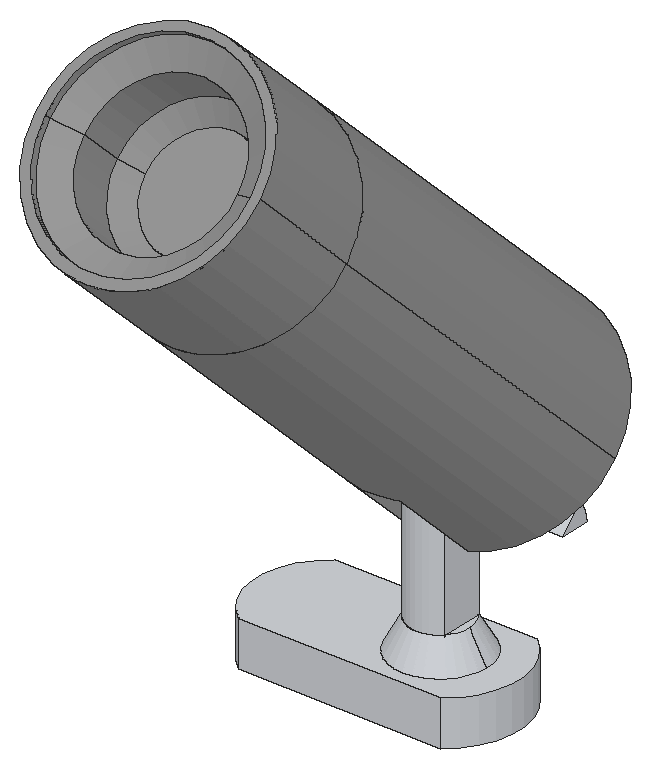
Revit family "005531", category Generic Models, host Face, Revit 2018
Family settings
  Host = Face
  Can host rebar = No
  Round Connector Dimension = Use Diameter
  Part Type = Normal
  OmniClass Number = 23.80.70.00
  OmniClass Title = Lighting
  Cut with Voids When Loaded = No
  Shared = No
  Room Calculation Point = No
Parameters (values of type "0005531 LENZO SMALL 15W 930 ON BOARD DIM BLACK")
  Width = 59.967 mm
  URL = "0.9"
  Type Image = <None>
  Type Comments = "n/a"
  Material_3_SYL = none
  Model = "Lenzo Small 15W 930 On Board Dim Black"
  Manufacturer = ""
  Length = 160 mm
  Keynote = "n/a"
  Material_2_SYL = none
  Height = 194.195 mm
  Description = "The new generation of Lenzo improves the Sylvania track spot range with a simple and slick integral design fixture, with no driver box and no visible screws. Simple and integral design (diameter Ø60mm). Die cast aluminium body, passive cooling heat sink. Adjustable beam angle 15° - 50°. Textured Black - RAL 9005. Light color temperature: 3000K, warm white, total system power: 15W. Total fixture output: 1000lm, efficacy: 67lm/W, Ra90 typical, LED chromacity: 3 step MacAdam ellipse (SDCM3), IR/UV free light source without heat radiation, operating voltage: 220-240V / 50-60Hz. On Board dimming driver, ultra low flicker rate, power factor: >0.90, electrical protection: Class I. Degree of protection: IP20, suitable for indoor environment only. Suitable for 3-circuit tracks, horizontal rotation: 345°, vertical tilt: 90°. Dimensions: Ø60x229mm, weight: 0.48Kg."
  Default Elevation = 1219.2 mm
  Cost = 0
  Material_1_SYL = none
  Assembly Code = "D5020200"
  Material_4_SYL = none
  Adaptor width = 32 mm
  Adaptor length = 70 mm
Reference planes
  plane 1 "Center (Front/Back)": y = 0
  plane 2: z = 0
  plane 3 "Center (Left/Right)": x = 0
  plane 4: y = 16
  plane 5: y = -16
  plane 6: x = -35
  plane 7: x = 35
  plane 8: z = 20
  plane 9: z = 35
  plane 10: z = 194.195
  plane 11: z = -30
  plane 12: z = -20
  plane 13: y = -46
  plane 14: y = 46
  plane 15: z = -31.471
  plane 16: z = -32.971
  plane 17: x = -27
  plane 18: x = 27
  plane 19: x = 17
  plane 20: y = 29.984
  plane 21: y = -29.984
  plane 22: x = -101.168
  plane 23: x = 58.832
Forms (mm)
  Extrusion 1, solid
    sketch origin (0, 0, 0) x (1, 0, 0) y (0, 1, 0)
      loop
        line (-27, -16) -> (27, -16)
        arc (27, -16) -> (35, 0) -> (27, 16) r 20
        line (27, 16) -> (-27, 16)
        arc (-27, 16) -> (-35, 0) -> (-27, -16) r 20
    from 0 to 12
Dimensions and locks
  "Adaptor width": plane 4 to plane 5
  equal spacing: plane 4, plane 1 "Center (Front/Back)", plane 5
  "Adaptor length": plane 6 to plane 7
  equal spacing: plane 6, plane 3 "Center (Left/Right)", plane 7
  "Width": plane 20 to plane 21
  equal spacing: plane 20, plane 1 "Center (Front/Back)", plane 21
  "Length": plane 22 to plane 23
  "Height": host face to plane 10
  aligned and locked: plane 2 to host face
  aligned and locked: level to host face
Automatic sketch dimensions
  host sketch curve to host sketch curve = 2438.4 mm  (x2)
  Extrusion 1 sketch curve to plane 5 = 0 mm
  Extrusion 1 sketch curve to plane 4 = 0 mm
  Extrusion 1 sketch curve to plane 17 = 0 mm  (x2)
  plane 1 "Center (Front/Back)" to Extrusion 1 sketch curve = 0 mm
  Extrusion 1 sketch curve to plane 18 = 0 mm
  plane 17 to Extrusion 1 sketch curve = 12 mm
  Extrusion 1 sketch curve to plane 19 = 2 mm
Nested families
  nested 1: "Lenzo arm with large spot Generic Family face based" at (13.943, 0, 12), type "Type Name"
Definition of nested family "Lenzo arm with large spot Generic Family face based"
  Parameters (values of type "Type Name")
    cutout = 11.5 mm
    Width = 25 mm
    URL = "http://www.sylvania-lighting.com"
    Type Image = (empty or 0)
    Type Comments = "n/a"
    Material_3_SYL = none
    Model = ""
    Manufacturer = "Feilo Sylvania"
    Length = 25 mm
    Keynote = ""
    Material_2_SYL = none
    Description = ""
    Default Elevation = 1219.2 mm
    Cost = 0
    Material_1_SYL = none
    Assembly Code = ""
    Material_4_SYL = none
  Reference planes
    plane 1 "Center (Front/Back)": y = 0
    plane 2: z = 0
    plane 3 "Center (Left/Right)": x = 0
    plane 4: y = 12.5
    plane 5: y = -12.5
    plane 6: x = -12.5
    plane 7: x = 12.5
    plane 8: z = 55
    plane 9: y = -46
    plane 10: y = 46
    plane 11: z = 8
    plane 12: x = 8
    plane 13: x = -8
    plane 14: x = 5.75
    plane 15: x = -5.75
    plane 16: z = 47
    plane 17: z = 39
  Forms (mm)
    Extrusion 1, solid
      sketch origin (4.2, 0, 0) x (1, 0, 0) y (0, 1, 0)
        loop
          line (-1219.2, 1219.2) -> (-1219.2, -1219.2) -> (1219.2, -1219.2) -> (1219.2, 1219.2) -> (-1219.2, 1219.2)
      from 0 to -68.017
    Blend 2, solid
      base sketch origin (0, 0, 0) x (1, 0, 0) y (0, 1, 0)
        loop
          circle (0, 0) r 12.5
      top sketch origin (0, 0, 0) x (1, 0, 0) y (0, 1, 0)
        loop
          circle (0, 0) r 8
      from 0 to 8
    Extrusion 3, solid
      sketch origin (0, 0, 0) x (1, 0, 0) y (0, 1, 0)
        loop
          circle (0, 0) r 8
      from 0 to 47
    Extrusion 4, void
      sketch origin (1524, -324.9, 1219.2) x (1, 0, 0) y (0, 0, 1)
        loop
          line (-1529.75, -1172.2) -> (-1538.187, -1172.2) -> (-1538.187, -1219.2) -> (-1529.75, -1219.2) -> (-1529.75, -1172.2)
      from -331.966 to -316.181
    Extrusion 5, void
      sketch origin (1542.25, -324.9, 1219.2) x (1, 0, 0) y (0, 0, 1)
        loop
          line (-1529.75, -1172.2) -> (-1536.5, -1172.2) -> (-1536.5, -1219.2) -> (-1529.75, -1219.2) -> (-1529.75, -1172.2)
      from -331.966 to -316.181
    Revolve 6, solid
      sketch origin (-1523.658, 7.432, 1213.229) x (-1, 0, 0) y (0, 0, 1)
        loop
          line (-1529.498, -1172.2) -> (-1550.4, -1172.2) -> (-1550.4, -1180.2) -> (-1529.498, -1180.2) -> (-1529.498, -1172.2)
        axis (-1529.498, -1180.2) -> (-1550.4, -1180.2)
      angle from -88.921 to -43.921
  Cuts and joins
    Extrusion 4, Extrusion 5 cuts Extrusion 3
  Dimensions and locks
    "Width": plane 4 to plane 5
    equal spacing: plane 4, plane 1 "Center (Front/Back)", plane 5
    "Length": plane 6 to plane 7
    equal spacing: plane 6, plane 3 "Center (Left/Right)", plane 7
    "cutout": plane 15 to plane 14
    equal spacing: plane 15, plane 3 "Center (Left/Right)", plane 14
    aligned and locked: plane 2 to Extrusion 1
    aligned and locked: level to Extrusion 1
  Automatic sketch dimensions
    Extrusion 1 sketch curve to Extrusion 1 sketch curve = 2438.4 mm  (x2)
    plane 1 "Center (Front/Back)" to Blend 2 sketch curve = 0 mm  (x2)
    Blend 2 sketch curve to plane 3 "Center (Left/Right)" = 0 mm  (x2)
    plane 1 "Center (Front/Back)" to Extrusion 3 sketch curve = 0 mm
    Extrusion 3 sketch curve to plane 3 "Center (Left/Right)" = 0 mm
    Extrusion 4 sketch curve to level = 0 mm
    plane 15 to Extrusion 4 sketch curve = 0 mm
    Extrusion 4 sketch curve to plane 6 = 1.687 mm
    Extrusion 4 sketch curve to plane 8 = 8 mm
    Extrusion 5 sketch curve to level = 0 mm
    Extrusion 5 sketch curve to plane 7 = 0 mm
    plane 14 to Extrusion 5 sketch curve = 0 mm
    Extrusion 5 sketch curve to plane 8 = 8 mm
    Revolve 6 sketch curve to plane 17 = 5.971 mm  (x2)
    plane 3 "Center (Left/Right)" to Revolve 6 sketch curve = 26.743 mm
    Revolve 6 sketch curve to plane 13 = 13.84 mm
    Revolve 6 sketch curve to plane 16 = 5.971 mm
    Revolve 6 sketch curve to plane 12 = 17.443 mm
    Revolve 6 sketch curve to plane 6 = 2.057 mm
    radius of Blend 2 sketch curve = 12.5 mm
    radius of Blend 2 sketch curve = 8 mm
    radius of Extrusion 3 sketch curve = 8 mm
  Nested families
    nested 1: "Lenzo Small Spotlight Family face based" at (0, 20.774, 46.883) x (1, 0, 0) z (0, -0.7203, 0.6937), type "Type Name"
      with WarrantyStartDate "n/a", SerialNumber "n/a", InstallationDate "n/a", built-in parameter 1114216 (empty or 0), BarCode "n/a", AssetIdentifier "n/a"
  Definition of nested family "Lenzo Small Spotlight Family face based"
    Parameters (values of type "0005531 LENZO SMALL 15W 930 ON BOARD DIM BLACK")
      Weight = "n/a"
      Wattage Comments = ""
      Wattage = 9.2903 W
      WarrantyStartDate [instance] = "n/a"
      WarrantyGuarantorParts = "n/a"
      WarrantyDurationUnit = "n/a"
      WarrantyDurationParts = ""
      WarrantyDescription = "http://www.sylvania-lighting.com"
      built-in parameter 1150110 = 1 (stored number, unit not read)
      Voltage = 0 V
      URL = "0.9"
      TypeName = "Lenzo Small 15W 930 On Board Dim Black"
      Type Image = (empty or 0)
      Type Comments = "n/a"
      built-in parameter 1114217 = 1 (stored number, unit not read)
      Tilt Angle = -90.00°
      built-in parameter 1150109 = 1 (stored number, unit not read)
      built-in parameter 1150134 = 3
      built-in parameter 1150113 = 1 (stored number, unit not read)
      SerialNumber [instance] = "n/a"
      Photometric Web File = "0005531-WB.IES"
      Material_3_SYL = none
      PowerFactor = 0
      PowerConsumption = "Lighting"
      NominalLength = 60 mm
      NominalHeight = 45 mm
      NominalDepth = 60 mm
      Name = "Lenzo Small 15W 930 On Board Dim Black"
      ModelReference = Name  # "Lenzo Small 15W 930 On Board Dim Black"
      ModelNumber = "0005531"
      Model = Name  # "Lenzo Small 15W 930 On Board Dim Black"
      Material = "Feilo Sylvania"
      ManufacturerName = "67 lm/W"
      Manufacturer = ""
      LuminousEfficacy = ""
      built-in parameter 1150105 = 109.82 (stored number, unit not read)
      Lumens = 1380 lm
      LuminaireType = "0"
      built-in parameter 1150115 = 1 (stored number, unit not read)
      LightOutputRatio = "LED"
      built-in parameter 1150137 = (empty or 0)
      built-in parameter 1150139 = (empty or 0)
      LampsType = Lamp  # "n/a"
      LampNominalLuminous = "3000 K"
      LampMacAdamStep = "90"
      LampColourTemperature = "LED"
      LampColourRenderingIndex = "16500"
      built-in parameter 1150112 = 1 (stored number, unit not read)
      built-in parameter 1150114 = 1 (stored number, unit not read)
      Lamp = "n/a"
      Keynote = "n/a"
      InstallationDate [instance] = "n/a"
      InputVoltage = "0"
      InputNominalFrequency = "3000"
      built-in parameter 1150132 = (empty or 0)
      built-in parameter 1150102 = (empty or 0)
      built-in parameter 1150107 = 3200 (stored number, unit not read)
      built-in parameter 1150138 = (empty or 0)
      IngressProtection = "IfcLightFixtureType"
      ImpactProtectionIndex = "IfcLightFixtureType"
      built-in parameter 1150106 = 1.0982 (stored number, unit not read)
      IfcExportType = "IfcLightFixtureType"
      IfcExportAs = "Class I"
      Emit from Circle Diameter = 609.6 mm
      Emit Shape Visible in Rendering = no
      ElectricShockClassification = "67"
      built-in parameter 1150104 = 13.8 (stored number, unit not read)
      DocumentationLiterature = "http://www.sylvania-lighting.com/product/en-int/products/0005531"
      DimmingControlOptions = "n/a"
      Material_2_SYL = none
      Dimming Lamp Color Temperature Shift = (empty or 0)
      Description = "The new generation of Lenzo improves the Sylvania track spot range with a simple and slick integral design fixture, with no driver box and no visible screws. Simple and integral design (diameter Ø60mm). Die cast aluminium body, passive cooling heat sink. Adjustable beam angle 15° - 50°. Textured Black - RAL 9005. Light color temperature: 3000K, warm white, total system power: 15W. Total fixture output: 1000lm, efficacy: 67lm/W, Ra90 typical, LED chromacity: 3 step MacAdam ellipse (SDCM3), IR/UV free light source without heat radiation, operating voltage: 220-240V / 50-60Hz. On Board dimming driver, ultra low flicker rate, power factor: >0.90, electrical protection: Class I. Degree of protection: IP20, suitable for indoor environment only. Suitable for 3-circuit tracks, horizontal rotation: 345°, vertical tilt: 90°. Dimensions: Ø60x229mm, weight: 0.48Kg."
      Default Elevation = 1219.2 mm
      CreatedOn = "03/04/2023"
      CreatedBy = "@sylvania-lighting.com"
      Cost = 0
      Color Filter = 16777215
      built-in parameter 1114216 [instance] = (empty or 0)
      ClassificationValue = "EF_70_80"
      ClassificationName = "Uniclass2015"
      Material_1_SYL = none
      BarCode [instance] = "n/a"
      built-in parameter 1114218 = 1 (stored number, unit not read)
      built-in parameter 1150133 = 10 (stored number, unit not read)
      AssetType = "Fixed"
      AssetIdentifier [instance] = "n/a"
      Assembly Code = "D5020200"
      Apparent Load = 15 VA
      Material_4_SYL = none
    Reference planes
      plane 1 "Center (Front/Back)": y = 0
      plane 2: z = 0
      plane 3 "Center (Left/Right)": x = 0
      plane 4: x = -30
      plane 5: x = 30
      plane 6: y = 30
      plane 7: y = -30
      plane 8: z = 45
      plane 9: y = -13
      plane 10: x = -7
      plane 11: x = 7
    Forms (mm)
      Extrusion 1, solid
        sketch origin (4.2, 0, 0) x (1, 0, 0) y (0, 1, 0)
          loop
            line (-1219.2, 1219.2) -> (-1219.2, -1219.2) -> (1219.2, -1219.2) -> (1219.2, 1219.2) -> (-1219.2, 1219.2)
        from 0 to -68.017
      Extrusion 2, solid
        sketch origin (0, 0, 0) x (1, 0, 0) y (0, 1, 0)
          loop
            circle (0.015, 0.002) r 30
        from 0 to 124
      Extrusion 3, solid
        sketch origin (0, 0, 0) x (1, 0, 0) y (0, 1, 0)
          loop
            circle (0, 0) r 30
        from 124 to 164
      Extrusion 4, void
        sketch origin (0, 0, 0) x (1, 0, 0) y (0, 1, 0)
          loop
            line (-7, -13) -> (-7, -30) -> (7, -30) -> (7, -13) -> (-7, -13)
        from 0 to 32
      Extrusion 5, solid, detail levels fine
        sketch origin (0, 0, 0) x (1, 0, 0) y (0, 1, 0)
          loop
            circle (0, 0) r 15
        from 138.007 to 138.988
      Extrusion 6, void
        sketch origin (0, 0, 0) x (1, 0, 0) y (0, 1, 0)
          loop
            circle (-0.002, 0.171) r 27.5
        from 164 to 162
      Blend 7, void
        base sketch origin (0, 0, 0) x (1, 0, 0) y (0, 1, 0)
          loop
            circle (-0.002, 0.171) r 27.5
        top sketch origin (0, 0, 0) x (1, 0, 0) y (0, 1, 0)
          loop
            circle (-0.002, 0.171) r 20.5
        from 162 to 158
      Extrusion 8, void
        sketch origin (0, 0, 0) x (1, 0, 0) y (0, 1, 0)
          loop
            circle (-0.002, 0.171) r 20.5
        from 158 to 143
      Blend 9, void
        base sketch origin (0, 0, 0) x (1, 0, 0) y (0, 1, 0)
          loop
            circle (-0.002, 0.171) r 20.5
        top sketch origin (0, 0, 0) x (1, 0, 0) y (0, 1, 0)
          loop
            circle (0, 0) r 15
        from 143 to 138.007
    Cuts and joins
      Extrusion 4, Extrusion 6, Blend 7, Extrusion 8, Blend 9 cuts Extrusion 2
      Extrusion 6, Blend 7, Extrusion 8, Blend 9 cuts Extrusion 3
    Dimensions and locks
      "NominalLength": plane 4 to plane 5
      equal spacing: plane 4, plane 3 "Center (Left/Right)", plane 5
      "NominalDepth": plane 6 to plane 7
      equal spacing: plane 6, plane 1 "Center (Front/Back)", plane 7
      "NominalHeight": plane 8 to level
      aligned and locked: plane 2 to Extrusion 1
      aligned and locked: level to Extrusion 1
    Automatic sketch dimensions
      Extrusion 1 sketch curve to Extrusion 1 sketch curve = 2438.4 mm  (x2)
      Extrusion 2 sketch curve to plane 1 "Center (Front/Back)" = 0.002 mm
      plane 3 "Center (Left/Right)" to Extrusion 2 sketch curve = 0.015 mm
      plane 1 "Center (Front/Back)" to Extrusion 3 sketch curve = 0 mm
      Extrusion 3 sketch curve to plane 3 "Center (Left/Right)" = 0 mm
      Extrusion 4 sketch curve to plane 7 = 0 mm
      Extrusion 4 sketch curve to plane 10 = 0 mm
      Extrusion 4 sketch curve to plane 11 = 0 mm
      Extrusion 4 sketch curve to plane 9 = 0 mm
      plane 1 "Center (Front/Back)" to Extrusion 5 sketch curve = 0 mm
      Extrusion 5 sketch curve to plane 3 "Center (Left/Right)" = 0 mm
      Extrusion 6 sketch curve to plane 3 "Center (Left/Right)" = 0.002 mm
      Extrusion 6 sketch curve to plane 1 "Center (Front/Back)" = 0.171 mm
      Blend 7 sketch curve to plane 3 "Center (Left/Right)" = 0.002 mm  (x2)
      Blend 7 sketch curve to plane 1 "Center (Front/Back)" = 0.171 mm  (x2)
      Extrusion 8 sketch curve to plane 3 "Center (Left/Right)" = 0.002 mm
      Extrusion 8 sketch curve to plane 1 "Center (Front/Back)" = 0.171 mm
      Blend 9 sketch curve to plane 3 "Center (Left/Right)" = 0.002 mm
      Blend 9 sketch curve to plane 1 "Center (Front/Back)" = 0.171 mm
      plane 1 "Center (Front/Back)" to Blend 9 sketch curve = 0 mm
      Blend 9 sketch curve to plane 3 "Center (Left/Right)" = 0 mm
      radius of Extrusion 2 sketch curve = 30 mm
      radius of Extrusion 3 sketch curve = 30 mm
      radius of Extrusion 5 sketch curve = 15 mm
      radius of Extrusion 6 sketch curve = 27.5 mm
      radius of Blend 7 sketch curve = 27.5 mm
      radius of Blend 7 sketch curve = 20.5 mm
      radius of Extrusion 8 sketch curve = 20.5 mm
      radius of Blend 9 sketch curve = 20.5 mm
      radius of Blend 9 sketch curve = 15 mm
    Connectors
      electrical at (0, 0, 0), driven by "Apparent Load", driven by "PowerFactor", driven by "Voltage"
        settings: index 1, voltage 0 V, apparent load 15 VA, apparent load phase1 0 VA, apparent load phase2 0 VA, apparent load phase3 0 VA, power factor 0, load classification none, number of poles 1, system type 30, power factor state 1, is connector primary yes, connector utility no, sub classification motor no, connector description ""
